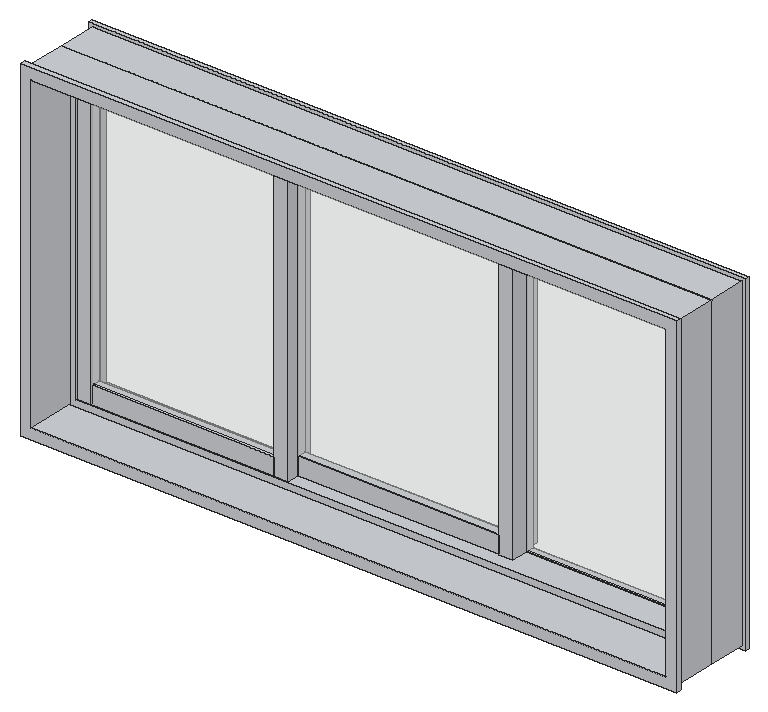
Revit family "APL Residential Thermal Heart Sliding Window SSF", category Windows, host Wall, Revit 2017 (continued)
Definition of nested family "APL Residential Thermal Heart Sliding Window SSF Horizontal Section"
  Definition of nested family "Reverse Interlocker"
    Definition of nested family "65500_Interlocker Stile"
      Lines and regions (mm)
        model lines, in view "Ref. Level"
          curve 153: arc (-26.398, 34.85, 0) -> (-26.256, 34.792, 0) -> (-26.198, 34.65, 0) r 0.2
          curve 154: arc (-26.198, 29.353, 0) -> (-26.255, 29.21, 0) -> (-26.398, 29.15, 0) r 0.2
          curve 155: arc (-32.798, 29.15, 0) -> (-32.939, 29.091, 0) -> (-32.998, 28.95, 0) r 0.2
          curve 156: arc (-32.998, 26.333, 0) -> (-32.799, 26.028, 0) -> (-33.041, 25.755, 0) r 0.3
          curve 157: arc (-33.041, 25.755, 0) -> (-33.179, 25.689, 0) -> (-33.266, 25.563, 0) r 0.3
          curve 158: arc (-33.78, 24.153, 0) -> (-33.736, 23.867, 0) -> (-33.472, 23.751, 0) r 0.3
          curve 159: arc (-31.106, 23.958, 0) -> (-31.005, 23.985, 0) -> (-30.92, 24.045, 0) r 0.3
          curve 160: arc (-30.556, 24.409, 0) -> (-30.505, 24.602, 0) -> (-30.646, 24.743, 0) r 0.2
          curve 161: arc (-30.813, 24.788, 0) -> (-30.903, 24.84, 0) -> (-30.955, 24.929, 0) r 0.2
          curve 162: arc (-31.498, 27.15, 0) -> (-31.305, 27.43, 0) -> (-30.974, 27.35, 0) r 0.3
          curve 163: arc (-30.974, 27.35, 0) -> (-30.873, 27.276, 0) -> (-30.75, 27.25, 0) r 0.3
          curve 164: arc (-26.748, 27.444, 0) -> (-26.575, 27.408, 0) -> (-26.498, 27.25, 0) r 0.2
          curve 165: arc (-26.498, 26.729, 0) -> (-26.509, 26.648, 0) -> (-26.542, 26.573, 0) r 0.3
          curve 166: arc (-27.307, 25.319, 0) -> (-27.477, 25.322, 0) -> (-27.609, 25.216, 0) r 0.25
          curve 167: arc (-27.661, 25.13, 0) -> (-27.666, 24.878, 0) -> (-27.448, 24.75, 0) r 0.25
          curve 168: arc (-25.098, 24.75, 0) -> (-24.744, 24.896, 0) -> (-24.598, 25.25, 0) r 0.5
          curve 169: arc (-24.598, 36.25, 0) -> (-24.656, 36.391, 0) -> (-24.798, 36.45, 0) r 0.2
          curve 170: line (-31.398, 36.65, 0) -> (-31.398, 41.7, 0)
          curve 171: line (-30.898, 42.2, 0) -> (-2.1, 42.2, 0)
          curve 172: line (-1.6, 41.7, 0) -> (-1.6, 10.9, 0)
          curve 173: line (-2.1, 10.4, 0) -> (-4.86, 10.4, 0)
          curve 174: line (-5.36, 9.9, 0) -> (-5.36, 9.042, 0)
          curve 175: line (-5.33, 8.871, 0) -> (-5.061, 8.132, 0)
          curve 176: line (-4.873, 8, 0) -> (-4.6, 8, 0)
          curve 177: line (-4.4, 7.8, 0) -> (-4.4, 7.55, 0)
          curve 178: line (-3.831, 7.691, 0) -> (-2.577, 8.456, 0)
          curve 179: line (-2.577, 8.456, 0) -> (-1.9, 8.5, 0)
          curve 180: line (-1.706, 8.25, 0) -> (-1.894, 7.525, 0)
          curve 181: line (-1.894, 7.525, 0) -> (-1.9, 4.247, 0)
          curve 182: line (-2.154, 3.5, 0) -> (-4.221, 4.043, 0)
          curve 183: line (-4.221, 4.043, 0) -> (-4.407, 4.352, 0)
          curve 184: line (-4.741, 4.441, 0) -> (-5.105, 4.078, 0)
          curve 185: line (-5.192, 3.892, 0) -> (-5.399, 1.526, 0)
          curve 186: line (-4.997, 1.218, 0) -> (-3.587, 1.732, 0)
          curve 187: line (-2.817, 2, 0) -> (-2.1, 2, 0)
          curve 188: line (-1.9, 1.8, 0) -> (-1.9, 1, 0)
          curve 189: line (-0.9, 0, 0) -> (-0.5, 0, 0)
          curve 190: line (0, 0.5, 0) -> (0, 43, 0)
          curve 191: line (-1, 44, 0) -> (-52.375, 44, 0)
          curve 192: line (-52.375, 43.25, 0) -> (-52, 43.25, 0)
          curve 193: line (-52, 43.25, 0) -> (-52, 42.15, 0)
          curve 194: line (-51.8, 41.95, 0) -> (-50.962, 41.95, 0)
          curve 195: line (-50.962, 41.95, 0) -> (-50.962, 40.688, 0)
          curve 196: line (-50.797, 40.488, 0) -> (-49.444, 40.25, 0)
          curve 197: line (-49.444, 40.25, 0) -> (-48.613, 40.25, 0)
          curve 198: line (-48.42, 40.502, 0) -> (-48.808, 41.948, 0)
          curve 199: line (-48.615, 42.2, 0) -> (-33.498, 42.2, 0)
          curve 200: line (-32.998, 41.7, 0) -> (-32.998, 35.05, 0)
          curve 201: line (-32.798, 34.85, 0) -> (-26.398, 34.85, 0)
          curve 202: line (-26.198, 34.65, 0) -> (-26.198, 29.353, 0)
          curve 203: line (-26.398, 29.15, 0) -> (-32.798, 29.15, 0)
          curve 204: line (-32.998, 28.95, 0) -> (-32.998, 26.333, 0)
          curve 205: line (-33.266, 25.563, 0) -> (-33.78, 24.153, 0)
          curve 206: line (-33.472, 23.751, 0) -> (-31.106, 23.958, 0)
          curve 207: line (-30.92, 24.045, 0) -> (-30.556, 24.409, 0)
          curve 208: line (-30.646, 24.743, 0) -> (-30.813, 24.788, 0)
          curve 209: line (-30.813, 24.788, 0) -> (-31.487, 26.918, 0)
          curve 210: line (-31.487, 26.918, 0) -> (-31.498, 27.15, 0)
          curve 211: line (-30.75, 27.25, 0) -> (-27.523, 27.25, 0)
          curve 212: line (-27.523, 27.25, 0) -> (-26.748, 27.444, 0)
          curve 213: line (-26.498, 27.25, 0) -> (-26.498, 26.729, 0)
          curve 214: line (-26.498, 26.729, 0) -> (-27.307, 25.319, 0)
          curve 215: line (-27.448, 24.75, 0) -> (-25.098, 24.75, 0)
          curve 216: line (-24.598, 25.25, 0) -> (-24.598, 36.25, 0)
          curve 217: line (-24.798, 36.45, 0) -> (-31.197, 36.45, 0)
          curve 218: arc (-31.197, 36.45, 0) -> (-31.339, 36.508, 0) -> (-31.398, 36.65, 0) r 0.2
          curve 219: arc (-27.398, 12.45, 0) -> (-27.115, 12.567, 0) -> (-26.998, 12.85, 0) r 0.4
          curve 220: arc (-26.998, 13.143, 0) -> (-27.011, 13.246, 0) -> (-27.052, 13.343, 0) r 0.4
          curve 221: arc (-27.936, 14.871, 0) -> (-28.057, 15.161, 0) -> (-28.098, 15.472, 0) r 1.2
          curve 222: arc (-28.098, 16.395, 0) -> (-28.279, 16.968, 0) -> (-28.756, 17.334, 0) r 1
          curve 223: arc (-30.935, 18.127, 0) -> (-31.125, 18.274, 0) -> (-31.198, 18.503, 0) r 0.4
          curve 224: arc (-31.198, 21.197, 0) -> (-31.125, 21.426, 0) -> (-30.935, 21.573, 0) r 0.4
          curve 225: arc (-28.756, 22.366, 0) -> (-28.279, 22.732, 0) -> (-28.098, 23.305, 0) r 1
          curve 226: arc (-28.098, 24.228, 0) -> (-28.057, 24.539, 0) -> (-27.936, 24.829, 0) r 1.2
          curve 227: arc (-27.052, 26.357, 0) -> (-27.011, 26.454, 0) -> (-26.998, 26.557, 0) r 0.4
          curve 228: arc (-26.998, 26.85, 0) -> (-27.115, 27.133, 0) -> (-27.398, 27.25, 0) r 0.4
          curve 229: arc (-30.798, 27.25, 0) -> (-31.081, 27.133, 0) -> (-31.198, 26.85, 0) r 0.4
          curve 230: arc (-31.198, 26.557, 0) -> (-31.184, 26.454, 0) -> (-31.144, 26.357, 0) r 0.4
          curve 231: arc (-30.259, 24.829, 0) -> (-30.138, 24.535, 0) -> (-30.098, 24.22, 0) r 1.2
          curve 232: arc (-30.098, 24.22, 0) -> (-30.151, 24.045, 0) -> (-30.295, 23.934, 0) r 0.3
          curve 233: arc (-32.735, 23.046, 0) -> (-32.925, 22.899, 0) -> (-32.998, 22.67, 0) r 0.4
          curve 234: arc (-32.998, 17.03, 0) -> (-32.925, 16.801, 0) -> (-32.735, 16.654, 0) r 0.4
          curve 235: arc (-30.295, 15.766, 0) -> (-30.151, 15.655, 0) -> (-30.098, 15.48, 0) r 0.3
          curve 236: arc (-30.098, 15.48, 0) -> (-30.138, 15.165, 0) -> (-30.259, 14.871, 0) r 1.2
          curve 237: arc (-31.144, 13.343, 0) -> (-31.184, 13.246, 0) -> (-31.198, 13.143, 0) r 0.4
          curve 238: arc (-31.198, 12.85, 0) -> (-31.081, 12.567, 0) -> (-30.798, 12.45, 0) r 0.4
          curve 239: line (-26.998, 12.85, 0) -> (-26.998, 13.143, 0)
          curve 240: line (-27.052, 13.343, 0) -> (-27.936, 14.871, 0)
          curve 241: line (-28.098, 15.472, 0) -> (-28.098, 16.395, 0)
          curve 242: line (-28.756, 17.334, 0) -> (-30.935, 18.127, 0)
          curve 243: line (-31.198, 18.503, 0) -> (-31.198, 21.197, 0)
          curve 244: line (-30.935, 21.573, 0) -> (-28.756, 22.366, 0)
          curve 245: line (-28.098, 23.305, 0) -> (-28.098, 24.228, 0)
          curve 246: line (-27.936, 24.829, 0) -> (-27.052, 26.357, 0)
          curve 247: line (-26.998, 26.557, 0) -> (-26.998, 26.85, 0)
          curve 248: line (-27.398, 27.25, 0) -> (-30.798, 27.25, 0)
          curve 249: line (-31.198, 26.85, 0) -> (-31.198, 26.557, 0)
          curve 250: line (-31.144, 26.357, 0) -> (-30.259, 24.829, 0)
          curve 251: line (-30.295, 23.934, 0) -> (-32.735, 23.046, 0)
          curve 252: line (-32.998, 22.67, 0) -> (-32.998, 17.03, 0)
          curve 253: line (-32.735, 16.654, 0) -> (-30.295, 15.766, 0)
          curve 254: line (-30.259, 14.871, 0) -> (-31.144, 13.343, 0)
          curve 255: line (-31.198, 13.143, 0) -> (-31.198, 12.85, 0)
          curve 256: line (-30.798, 12.45, 0) -> (-27.398, 12.45, 0)
          curve 257: arc (-16.7, 4.122, 0) -> (-16.583, 3.839, 0) -> (-16.3, 3.722, 0) r 0.4
          curve 258: arc (-16.007, 3.722, 0) -> (-15.904, 3.736, 0) -> (-15.807, 3.776, 0) r 0.4
          curve 259: arc (-14.279, 4.66, 0) -> (-13.989, 4.781, 0) -> (-13.678, 4.822, 0) r 1.2
          curve 260: arc (-12.755, 4.822, 0) -> (-12.182, 5.003, 0) -> (-11.816, 5.48, 0) r 1
          curve 261: arc (-11.023, 7.659, 0) -> (-10.876, 7.849, 0) -> (-10.647, 7.922, 0) r 0.4
          curve 262: arc (-7.953, 7.922, 0) -> (-7.724, 7.849, 0) -> (-7.577, 7.659, 0) r 0.4
          curve 263: arc (-6.784, 5.48, 0) -> (-6.418, 5.003, 0) -> (-5.845, 4.822, 0) r 1
          curve 264: arc (-4.922, 4.822, 0) -> (-4.611, 4.781, 0) -> (-4.321, 4.66, 0) r 1.2
          curve 265: arc (-2.793, 3.776, 0) -> (-2.696, 3.736, 0) -> (-2.593, 3.722, 0) r 0.4
          curve 266: arc (-2.3, 3.722, 0) -> (-2.017, 3.839, 0) -> (-1.9, 4.122, 0) r 0.4
          curve 267: arc (-1.9, 7.522, 0) -> (-2.017, 7.805, 0) -> (-2.3, 7.922, 0) r 0.4
          curve 268: arc (-2.593, 7.922, 0) -> (-2.696, 7.908, 0) -> (-2.793, 7.868, 0) r 0.4
          curve 269: arc (-4.321, 6.983, 0) -> (-4.615, 6.862, 0) -> (-4.93, 6.822, 0) r 1.2
          curve 270: arc (-4.93, 6.822, 0) -> (-5.105, 6.875, 0) -> (-5.216, 7.019, 0) r 0.3
          curve 271: arc (-6.104, 9.459, 0) -> (-6.251, 9.649, 0) -> (-6.48, 9.722, 0) r 0.4
          curve 272: arc (-12.12, 9.722, 0) -> (-12.349, 9.649, 0) -> (-12.496, 9.459, 0) r 0.4
          curve 273: arc (-13.384, 7.019, 0) -> (-13.495, 6.875, 0) -> (-13.67, 6.822, 0) r 0.3
          curve 274: arc (-13.67, 6.822, 0) -> (-13.985, 6.862, 0) -> (-14.279, 6.983, 0) r 1.2
          curve 275: arc (-15.807, 7.868, 0) -> (-15.904, 7.908, 0) -> (-16.007, 7.922, 0) r 0.4
          curve 276: arc (-16.3, 7.922, 0) -> (-16.583, 7.805, 0) -> (-16.7, 7.522, 0) r 0.4
          curve 277: line (-16.3, 3.722, 0) -> (-16.007, 3.722, 0)
          curve 278: line (-15.807, 3.776, 0) -> (-14.279, 4.66, 0)
          curve 279: line (-13.678, 4.822, 0) -> (-12.755, 4.822, 0)
          curve 280: line (-11.816, 5.48, 0) -> (-11.023, 7.659, 0)
          curve 281: line (-10.647, 7.922, 0) -> (-7.953, 7.922, 0)
          curve 282: line (-7.577, 7.659, 0) -> (-6.784, 5.48, 0)
          curve 283: line (-5.845, 4.822, 0) -> (-4.922, 4.822, 0)
          curve 284: line (-4.321, 4.66, 0) -> (-2.793, 3.776, 0)
          curve 285: line (-2.593, 3.722, 0) -> (-2.3, 3.722, 0)
          curve 286: line (-1.9, 4.122, 0) -> (-1.9, 7.522, 0)
          curve 287: line (-2.3, 7.922, 0) -> (-2.593, 7.922, 0)
          curve 288: line (-2.793, 7.868, 0) -> (-4.321, 6.983, 0)
          curve 289: line (-5.216, 7.019, 0) -> (-6.104, 9.459, 0)
          curve 290: line (-6.48, 9.722, 0) -> (-12.12, 9.722, 0)
          curve 291: line (-12.496, 9.459, 0) -> (-13.384, 7.019, 0)
          curve 292: line (-14.279, 6.983, 0) -> (-15.807, 7.868, 0)
          curve 293: line (-16.007, 7.922, 0) -> (-16.3, 7.922, 0)
          curve 294: line (-16.7, 7.522, 0) -> (-16.7, 4.122, 0)
      Text (mm)
        text "65500" at (-34.845, 58.95, 0), in view "Ref. Level"
    Definition of nested family "65510_Reverse Interlocker Stile"
      Reference planes
        plane 1 "Center (Front/Back)": y = 0
        plane 2: z = 0
        plane 3 "Center (Left/Right)": x = 0
      Lines and regions (mm)
        model lines, in view "Ref. Level"
          curve 1: arc (1.945, -44.438, 0) -> (2.11, -44.125, 0) -> (2.441, -44, 0) r 0.5
          curve 2: arc (30.752, -44, 0) -> (31.106, -44.146, 0) -> (31.252, -44.5, 0) r 0.5
          curve 3: arc (31.252, -83.299, 0) -> (30.959, -84.006, 0) -> (30.252, -84.299, 0) r 1
          curve 4: arc (2.5, -84.299, 0) -> (1.793, -84.006, 0) -> (1.5, -83.299, 0) r 1
          curve 5: arc (0, -0.45, 0) -> (0.146, -0.096, 0) -> (0.5, 0.05, 0) r 0.5
          curve 6: arc (0.9, 0.05, 0) -> (1.607, -0.243, 0) -> (1.9, -0.95, 0) r 1
          curve 7: arc (1.9, -1.8, 0) -> (1.959, -1.941, 0) -> (2.1, -2, 0) r 0.2
          curve 8: arc (2.817, -2, 0) -> (3.122, -2.199, 0) -> (3.395, -1.957, 0) r 0.3
          curve 9: arc (3.395, -1.957, 0) -> (3.461, -1.819, 0) -> (3.587, -1.732, 0) r 0.3
          curve 10: arc (5.858, -0.905, 0) -> (6.755, -1.323, 0) -> (6.337, -2.221, 0) r 0.7
          curve 11: arc (5.681, -2.459, 0) -> (5.512, -2.614, 0) -> (5.502, -2.844, 0) r 0.3
          curve 12: arc (5.778, -3.603, 0) -> (5.761, -3.846, 0) -> (5.57, -3.997, 0) r 0.3
          curve 13: arc (5.57, -3.997, 0) -> (5.339, -4.046, 0) -> (5.105, -4.078, 0) r 3.208
          curve 14: arc (4.741, -4.441, 0) -> (4.548, -4.493, 0) -> (4.407, -4.352, 0) r 0.2
          curve 15: arc (4.362, -4.184, 0) -> (4.31, -4.095, 0) -> (4.221, -4.043, 0) r 0.2
          curve 16: arc (2, -3.5, 0) -> (1.72, -3.693, 0) -> (1.8, -4.024, 0) r 0.3
          curve 17: arc (1.8, -4.024, 0) -> (1.874, -4.125, 0) -> (1.9, -4.247, 0) r 0.3
          curve 18: arc (1.706, -8.25, 0) -> (1.742, -8.422, 0) -> (1.9, -8.5, 0) r 0.2
          curve 19: arc (2.421, -8.5, 0) -> (2.502, -8.489, 0) -> (2.577, -8.456, 0) r 0.3
          curve 20: arc (3.831, -7.691, 0) -> (3.828, -7.521, 0) -> (3.934, -7.389, 0) r 0.25
          curve 21: arc (4.02, -7.337, 0) -> (4.272, -7.332, 0) -> (4.4, -7.55, 0) r 0.25
          curve 22: arc (4.4, -7.8, 0) -> (4.459, -7.941, 0) -> (4.6, -8, 0) r 0.2
          curve 23: arc (4.873, -8, 0) -> (4.987, -8.036, 0) -> (5.061, -8.132, 0) r 0.2
          curve 24: arc (5.348, -8.92, 0) -> (5.349, -9.055, 0) -> (5.264, -9.159, 0) r 0.2
          curve 25: arc (3.308, -10.354, 0) -> (3.057, -10.463, 0) -> (2.787, -10.5, 0) r 1
          curve 26: arc (1.701, -10.5, 0) -> (1.559, -10.558, 0) -> (1.5, -10.7, 0) r 0.2
          curve 27: arc (1.945, -41.762, 0) -> (2.11, -42.075, 0) -> (2.441, -42.2, 0) r 0.5
          curve 28: arc (25.233, -42.2, 0) -> (25.71, -41.85, 0) -> (25.519, -41.29, 0) r 0.5
          curve 29: arc (25.519, -41.29, 0) -> (24.871, -40.553, 0) -> (24.637, -39.599, 0) r 2.063
          curve 30: arc (24.637, -38.487, 0) -> (24.675, -38.217, 0) -> (24.784, -37.966, 0) r 1
          curve 31: arc (25.021, -37.578, 0) -> (25.385, -37.227, 0) -> (25.874, -37.099, 0) r 1
          curve 32: arc (27.45, -37.099, 0) -> (27.668, -37.226, 0) -> (27.663, -37.479, 0) r 0.25
          curve 33: arc (27.611, -37.565, 0) -> (27.479, -37.671, 0) -> (27.309, -37.668, 0) r 0.25
          curve 34: arc (26.544, -38.922, 0) -> (26.511, -38.997, 0) -> (26.5, -39.078, 0) r 0.3
          curve 35: arc (26.5, -39.599, 0) -> (26.578, -39.757, 0) -> (26.75, -39.793, 0) r 0.2
          curve 36: arc (30.753, -39.599, 0) -> (30.875, -39.625, 0) -> (30.976, -39.699, 0) r 0.3
          curve 37: arc (30.976, -39.699, 0) -> (31.307, -39.779, 0) -> (31.5, -39.499, 0) r 0.3
          curve 38: arc (30.957, -37.278, 0) -> (30.905, -37.189, 0) -> (30.816, -37.137, 0) r 0.2
          curve 39: arc (30.648, -37.092, 0) -> (30.507, -36.951, 0) -> (30.559, -36.758, 0) r 0.2
          curve 40: arc (30.922, -36.394, 0) -> (31.008, -36.334, 0) -> (31.108, -36.307, 0) r 0.3
          curve 41: arc (33.474, -36.1, 0) -> (33.738, -36.216, 0) -> (33.782, -36.502, 0) r 0.3
          curve 42: arc (33.268, -37.912, 0) -> (33.181, -38.038, 0) -> (33.043, -38.104, 0) r 0.3
          curve 43: arc (33.043, -38.104, 0) -> (32.801, -38.377, 0) -> (33, -38.682, 0) r 0.3
          curve 44: arc (33, -41.699, 0) -> (33.146, -42.053, 0) -> (33.5, -42.199, 0) r 0.5
          curve 45: arc (45.599, -42.199, 0) -> (45.967, -42.062, 0) -> (46.122, -41.7, 0) r 0.5
          curve 46: arc (46.122, -41.299, 0) -> (45.976, -40.945, 0) -> (45.622, -40.799, 0) r 0.5
          curve 47: arc (44.872, -40.799, 0) -> (44.731, -40.74, 0) -> (44.672, -40.599, 0) r 0.2
          curve 48: arc (44.672, -39.999, 0) -> (44.731, -39.858, 0) -> (44.872, -39.799, 0) r 0.2
          curve 49: arc (47.972, -39.799, 0) -> (48.114, -39.858, 0) -> (48.172, -39.999, 0) r 0.2
          curve 50: arc (48.172, -40.599, 0) -> (48.114, -40.74, 0) -> (47.972, -40.799, 0) r 0.2
          curve 51: arc (47.622, -40.799, 0) -> (47.481, -40.858, 0) -> (47.422, -40.999, 0) r 0.2
          curve 52: arc (47.422, -41.599, 0) -> (47.481, -41.74, 0) -> (47.622, -41.799, 0) r 0.2
          curve 53: arc (47.972, -41.799, 0) -> (48.114, -41.858, 0) -> (48.172, -41.999, 0) r 0.2
          curve 54: arc (48.172, -42.3, 0) -> (48.319, -42.654, 0) -> (48.672, -42.8, 0) r 0.5
          curve 55: arc (49.672, -42.8, 0) -> (50.026, -42.654, 0) -> (50.172, -42.3, 0) r 0.5
          curve 56: arc (50.172, -41.999, 0) -> (50.231, -41.858, 0) -> (50.372, -41.799, 0) r 0.2
          curve 57: arc (50.722, -41.799, 0) -> (50.864, -41.74, 0) -> (50.922, -41.599, 0) r 0.2
          curve 58: arc (50.922, -40.999, 0) -> (50.864, -40.858, 0) -> (50.722, -40.799, 0) r 0.2
          curve 59: arc (50.372, -40.799, 0) -> (50.231, -40.74, 0) -> (50.172, -40.599, 0) r 0.2
          curve 60: arc (50.172, -39.999, 0) -> (50.231, -39.858, 0) -> (50.372, -39.799, 0) r 0.2
          curve 61: arc (51.802, -39.799, 0) -> (51.944, -39.858, 0) -> (52.002, -39.999, 0) r 0.2
          curve 62: arc (52.377, -43.25, 0) -> (52.752, -43.625, 0) -> (52.377, -44, 0) r 0.375
          curve 63: arc (33.252, -44, 0) -> (32.899, -44.146, 0) -> (32.752, -44.5, 0) r 0.5
          curve 64: arc (32.752, -86.299, 0) -> (32.167, -87.713, 0) -> (30.752, -88.299, 0) r 2
          curve 65: arc (2, -88.299, 0) -> (0.586, -87.713, 0) -> (0, -86.299, 0) r 2
          curve 66: line (1.5, -83.299, 0) -> (1.5, -48, 0)
          curve 67: line (1.5, -48, 0) -> (1.945, -44.438, 0)
          curve 68: line (2.441, -44, 0) -> (30.752, -44, 0)
          curve 69: line (31.252, -44.5, 0) -> (31.252, -83.299, 0)
          curve 70: line (30.252, -84.299, 0) -> (2.5, -84.299, 0)
          curve 71: line (0.5, 0.05, 0) -> (0.9, 0.05, 0)
          curve 72: line (1.9, -0.95, 0) -> (1.9, -1.8, 0)
          curve 73: line (2.1, -2, 0) -> (2.817, -2, 0)
          curve 74: line (3.587, -1.732, 0) -> (5.858, -0.905, 0)
          curve 75: line (6.337, -2.221, 0) -> (5.681, -2.459, 0)
          curve 76: line (5.502, -2.844, 0) -> (5.778, -3.603, 0)
          curve 77: line (5.105, -4.078, 0) -> (4.741, -4.441, 0)
          curve 78: line (4.407, -4.352, 0) -> (4.362, -4.184, 0)
          curve 79: line (4.362, -4.184, 0) -> (2.232, -3.51, 0)
          curve 80: line (2.232, -3.51, 0) -> (2, -3.5, 0)
          curve 81: line (1.9, -4.247, 0) -> (1.9, -7.475, 0)
          curve 82: line (1.9, -7.475, 0) -> (1.706, -8.25, 0)
          curve 83: line (1.9, -8.5, 0) -> (2.421, -8.5, 0)
          curve 84: line (2.421, -8.5, 0) -> (3.831, -7.691, 0)
          curve 85: line (4.4, -7.55, 0) -> (4.4, -7.8, 0)
          curve 86: line (4.6, -8, 0) -> (4.873, -8, 0)
          curve 87: line (5.061, -8.132, 0) -> (5.348, -8.92, 0)
          curve 88: line (5.264, -9.159, 0) -> (3.308, -10.354, 0)
          curve 89: line (2.787, -10.5, 0) -> (1.701, -10.5, 0)
          curve 90: line (1.5, -10.7, 0) -> (1.5, -38.2, 0)
          curve 91: line (1.5, -38.2, 0) -> (1.945, -41.762, 0)
          curve 92: line (2.441, -42.2, 0) -> (25.233, -42.2, 0)
          curve 93: line (24.637, -39.599, 0) -> (24.637, -38.487, 0)
          curve 94: line (24.784, -37.966, 0) -> (25.021, -37.578, 0)
          curve 95: line (25.874, -37.099, 0) -> (27.45, -37.099, 0)
          curve 96: line (27.309, -37.668, 0) -> (26.544, -38.922, 0)
          curve 97: line (26.544, -38.922, 0) -> (26.5, -39.599, 0)
          curve 98: line (26.75, -39.793, 0) -> (27.475, -39.605, 0)
          curve 99: line (27.475, -39.605, 0) -> (30.753, -39.599, 0)
          curve 100: line (31.5, -39.345, 0) -> (30.957, -37.278, 0)
          curve 101: line (30.957, -37.278, 0) -> (30.648, -37.092, 0)
          curve 102: line (30.559, -36.758, 0) -> (30.922, -36.394, 0)
          curve 103: line (31.108, -36.307, 0) -> (33.474, -36.1, 0)
          curve 104: line (33.782, -36.502, 0) -> (33.268, -37.912, 0)
          curve 105: line (33, -38.682, 0) -> (33, -41.699, 0)
          curve 106: line (33.5, -42.199, 0) -> (45.599, -42.199, 0)
          curve 107: line (46.122, -41.7, 0) -> (46.122, -41.299, 0)
          curve 108: line (45.622, -40.799, 0) -> (44.872, -40.799, 0)
          curve 109: line (44.672, -40.599, 0) -> (44.672, -39.999, 0)
          curve 110: line (44.872, -39.799, 0) -> (47.972, -39.799, 0)
          curve 111: line (48.172, -39.999, 0) -> (48.172, -40.599, 0)
          curve 112: line (47.972, -40.799, 0) -> (47.622, -40.799, 0)
          curve 113: line (47.422, -40.999, 0) -> (47.422, -41.599, 0)
          curve 114: line (47.622, -41.799, 0) -> (47.972, -41.799, 0)
          curve 115: line (48.172, -41.999, 0) -> (48.172, -42.3, 0)
          curve 116: line (48.672, -42.8, 0) -> (49.672, -42.8, 0)
          curve 117: line (50.172, -42.3, 0) -> (50.172, -41.999, 0)
          curve 118: line (50.372, -41.799, 0) -> (50.722, -41.799, 0)
          curve 119: line (50.922, -41.599, 0) -> (50.922, -40.999, 0)
          curve 120: line (50.722, -40.799, 0) -> (50.372, -40.799, 0)
          curve 121: line (50.172, -40.599, 0) -> (50.172, -39.999, 0)
          curve 122: line (50.372, -39.799, 0) -> (51.802, -39.799, 0)
          curve 123: line (52.002, -39.999, 0) -> (52.002, -43.25, 0)
          curve 124: line (52.002, -43.25, 0) -> (52.377, -43.25, 0)
          curve 125: line (52.377, -44, 0) -> (33.252, -44, 0)
          curve 126: line (32.752, -44.5, 0) -> (32.752, -86.299, 0)
          curve 127: line (30.752, -88.299, 0) -> (2, -88.299, 0)
          curve 128: line (0, -86.299, 0) -> (0, -0.45, 0)
          curve 129: arc (13.859, -4.441, 0) -> (14.052, -4.493, 0) -> (14.193, -4.352, 0) r 0.2
          curve 130: arc (14.238, -4.184, 0) -> (14.29, -4.095, 0) -> (14.379, -4.043, 0) r 0.2
          curve 131: arc (16.6, -3.5, 0) -> (16.88, -3.693, 0) -> (16.8, -4.024, 0) r 0.3
          curve 132: arc (16.8, -4.024, 0) -> (16.726, -4.125, 0) -> (16.7, -4.247, 0) r 0.3
          curve 133: arc (16.894, -8.25, 0) -> (16.858, -8.422, 0) -> (16.7, -8.5, 0) r 0.2
          curve 134: arc (16.179, -8.5, 0) -> (16.098, -8.489, 0) -> (16.023, -8.456, 0) r 0.3
          curve 135: arc (14.769, -7.691, 0) -> (14.772, -7.521, 0) -> (14.666, -7.389, 0) r 0.25
          curve 136: arc (14.58, -7.337, 0) -> (14.328, -7.332, 0) -> (14.2, -7.549, 0) r 0.25
          curve 137: arc (14.2, -7.8, 0) -> (14.141, -7.941, 0) -> (14, -8, 0) r 0.2
          curve 138: arc (13.727, -8, 0) -> (13.613, -8.036, 0) -> (13.539, -8.132, 0) r 0.2
          curve 139: arc (13.252, -8.92, 0) -> (13.251, -9.055, 0) -> (13.336, -9.159, 0) r 0.2
          curve 140: arc (15.292, -10.354, 0) -> (15.543, -10.463, 0) -> (15.813, -10.5, 0) r 1
          curve 141: arc (24.396, -10.5, 0) -> (24.54, -10.557, 0) -> (24.6, -10.7, 0) r 0.2
          curve 142: arc (24.6, -11.6, 0) -> (24.746, -11.954, 0) -> (25.1, -12.1, 0) r 0.5
          curve 143: arc (31.2, -12.1, 0) -> (31.341, -12.159, 0) -> (31.4, -12.3, 0) r 0.2
          curve 144: arc (31.4, -15.399, 0) -> (31.341, -15.54, 0) -> (31.2, -15.599, 0) r 0.2
          curve 145: arc (24.8, -15.599, 0) -> (24.659, -15.657, 0) -> (24.6, -15.799, 0) r 0.2
          curve 146: arc (24.6, -25.841, 0) -> (24.636, -26.116, 0) -> (24.746, -26.37, 0) r 1
          curve 147: arc (25.021, -26.82, 0) -> (25.385, -27.171, 0) -> (25.874, -27.299, 0) r 1
          curve 148: arc (27.45, -27.299, 0) -> (27.668, -27.172, 0) -> (27.663, -26.919, 0) r 0.25
          curve 149: arc (27.611, -26.833, 0) -> (27.479, -26.727, 0) -> (27.309, -26.73, 0) r 0.25
          curve 150: arc (26.544, -25.476, 0) -> (26.511, -25.401, 0) -> (26.5, -25.32, 0) r 0.3
          curve 151: arc (26.5, -24.799, 0) -> (26.578, -24.641, 0) -> (26.75, -24.605, 0) r 0.2
          curve 152: arc (30.753, -24.799, 0) -> (30.875, -24.773, 0) -> (30.976, -24.699, 0) r 0.3
          curve 153: arc (30.976, -24.699, 0) -> (31.307, -24.619, 0) -> (31.5, -24.899, 0) r 0.3
          curve 154: arc (30.957, -27.12, 0) -> (30.905, -27.209, 0) -> (30.816, -27.261, 0) r 0.2
          curve 155: arc (30.648, -27.306, 0) -> (30.507, -27.447, 0) -> (30.559, -27.64, 0) r 0.2
          curve 156: arc (30.922, -28.004, 0) -> (31.008, -28.064, 0) -> (31.108, -28.091, 0) r 0.3
          curve 157: arc (33.474, -28.298, 0) -> (33.738, -28.182, 0) -> (33.782, -27.896, 0) r 0.3
          curve 158: arc (33.268, -26.486, 0) -> (33.181, -26.36, 0) -> (33.043, -26.294, 0) r 0.3
          curve 159: arc (33.043, -26.294, 0) -> (32.801, -26.021, 0) -> (33, -25.716, 0) r 0.3
          curve 160: arc (33, -23.099, 0) -> (32.941, -22.958, 0) -> (32.8, -22.899, 0) r 0.2
          curve 161: arc (26.4, -22.899, 0) -> (26.259, -22.84, 0) -> (26.2, -22.699, 0) r 0.2
          curve 162: arc (26.2, -17.399, 0) -> (26.259, -17.258, 0) -> (26.4, -17.199, 0) r 0.2
          curve 163: arc (32.8, -17.199, 0) -> (32.941, -17.141, 0) -> (33, -16.999, 0) r 0.2
          curve 164: arc (33, -12.3, 0) -> (33.059, -12.159, 0) -> (33.2, -12.1, 0) r 0.2
          curve 165: arc (34, -12.1, 0) -> (35.273, -11.573, 0) -> (35.8, -10.3, 0) r 1.8
          curve 166: arc (35.8, -9.999, 0) -> (35.859, -9.858, 0) -> (36, -9.799, 0) r 0.2
          curve 167: arc (48.628, -9.799, 0) -> (48.787, -9.877, 0) -> (48.821, -10.051, 0) r 0.2
          curve 168: arc (48.42, -11.547, 0) -> (48.454, -11.721, 0) -> (48.613, -11.799, 0) r 0.2
          curve 169: arc (50.797, -11.561, 0) -> (50.916, -11.492, 0) -> (50.962, -11.364, 0) r 0.2
          curve 170: arc (51.797, -10.099, 0) -> (51.94, -10.041, 0) -> (52, -9.899, 0) r 0.2
          curve 171: arc (52.375, -8.749, 0) -> (52.75, -8.374, 0) -> (52.375, -7.999, 0) r 0.375
          curve 172: arc (33.1, -8, 0) -> (32.6, -8.5, 0) -> (33.1, -9, 0) r 0.5
          curve 173: arc (34, -9, 0) -> (34.141, -9.059, 0) -> (34.2, -9.2, 0) r 0.2
          curve 174: arc (34.2, -10.3, 0) -> (34.141, -10.441, 0) -> (34, -10.5, 0) r 0.2
          curve 175: arc (26.7, -10.5, 0) -> (26.559, -10.441, 0) -> (26.5, -10.3, 0) r 0.2
          curve 176: arc (26.5, -9.2, 0) -> (26.559, -9.059, 0) -> (26.7, -9, 0) r 0.2
          curve 177: arc (27.6, -9, 0) -> (28.1, -8.5, 0) -> (27.6, -8, 0) r 0.5
          curve 178: arc (21.3, -8, 0) -> (21.159, -7.941, 0) -> (21.1, -7.8, 0) r 0.2
          curve 179: arc (21.1, -7.25, 0) -> (20.6, -6.75, 0) -> (20.1, -7.25, 0) r 0.5
          curve 180: arc (20.1, -7.8, 0) -> (20.041, -7.941, 0) -> (19.9, -8, 0) r 0.2
          curve 181: arc (18.8, -8, 0) -> (18.659, -7.941, 0) -> (18.6, -7.8, 0) r 0.2
          curve 182: arc (18.6, -2.7, 0) -> (18.659, -2.559, 0) -> (18.8, -2.5, 0) r 0.2
          curve 183: arc (19.9, -2.5, 0) -> (20.041, -2.559, 0) -> (20.1, -2.7, 0) r 0.2
          curve 184: arc (20.1, -3.25, 0) -> (20.6, -3.75, 0) -> (21.1, -3.25, 0) r 0.5
          curve 185: arc (21.1, -2.623, 0) -> (21.153, -2.487, 0) -> (21.284, -2.423, 0) r 0.2
          curve 186: arc (31.459, -1.498, 0) -> (32.149, -0.721, 0) -> (31.4, 0, 0) r 0.75
          curve 187: arc (17.2, 0, 0) -> (16.846, -0.146, 0) -> (16.7, -0.5, 0) r 0.5
          curve 188: arc (16.7, -1.8, 0) -> (16.641, -1.941, 0) -> (16.5, -2, 0) r 0.2
          curve 189: arc (15.783, -2, 0) -> (15.478, -2.199, 0) -> (15.205, -1.957, 0) r 0.3
          curve 190: arc (15.205, -1.957, 0) -> (15.139, -1.819, 0) -> (15.013, -1.732, 0) r 0.3
          curve 191: arc (12.742, -0.905, 0) -> (11.845, -1.323, 0) -> (12.263, -2.221, 0) r 0.7
          curve 192: arc (12.919, -2.459, 0) -> (13.088, -2.614, 0) -> (13.098, -2.844, 0) r 0.3
          curve 193: line (13.495, -4.078, 0) -> (13.859, -4.441, 0)
          curve 194: line (14.193, -4.352, 0) -> (14.238, -4.184, 0)
          curve 195: line (14.238, -4.184, 0) -> (16.368, -3.51, 0)
          curve 196: line (16.368, -3.51, 0) -> (16.6, -3.5, 0)
          curve 197: line (16.7, -4.247, 0) -> (16.7, -7.475, 0)
          curve 198: line (16.7, -7.475, 0) -> (16.894, -8.25, 0)
          curve 199: line (16.7, -8.5, 0) -> (16.179, -8.5, 0)
          curve 200: line (16.179, -8.5, 0) -> (14.769, -7.691, 0)
          curve 201: line (14.2, -7.549, 0) -> (14.2, -7.8, 0)
          curve 202: line (14, -8, 0) -> (13.727, -8, 0)
          curve 203: line (13.539, -8.132, 0) -> (13.252, -8.92, 0)
          curve 204: line (13.336, -9.159, 0) -> (15.292, -10.354, 0)
          curve 205: line (15.813, -10.5, 0) -> (24.396, -10.5, 0)
          curve 206: line (24.6, -10.7, 0) -> (24.6, -11.6, 0)
          curve 207: line (25.1, -12.1, 0) -> (31.2, -12.1, 0)
          curve 208: line (31.4, -12.3, 0) -> (31.4, -15.399, 0)
          curve 209: line (31.2, -15.599, 0) -> (24.8, -15.599, 0)
          curve 210: line (24.6, -15.799, 0) -> (24.6, -25.841, 0)
          curve 211: line (24.746, -26.37, 0) -> (25.021, -26.82, 0)
          curve 212: line (25.874, -27.299, 0) -> (27.45, -27.299, 0)
          curve 213: line (27.309, -26.73, 0) -> (26.544, -25.476, 0)
          curve 214: line (26.544, -25.476, 0) -> (26.5, -24.799, 0)
          curve 215: line (26.75, -24.605, 0) -> (27.475, -24.793, 0)
          curve 216: line (27.475, -24.793, 0) -> (30.753, -24.799, 0)
          curve 217: line (31.5, -25.053, 0) -> (30.957, -27.12, 0)
          curve 218: line (30.957, -27.12, 0) -> (30.648, -27.306, 0)
          curve 219: line (30.559, -27.64, 0) -> (30.922, -28.004, 0)
          curve 220: line (31.108, -28.091, 0) -> (33.474, -28.298, 0)
          curve 221: line (33.782, -27.896, 0) -> (33.268, -26.486, 0)
          curve 222: line (33, -25.716, 0) -> (33, -23.099, 0)
          curve 223: line (32.8, -22.899, 0) -> (26.4, -22.899, 0)
          curve 224: line (26.2, -22.699, 0) -> (26.2, -17.399, 0)
          curve 225: line (26.4, -17.199, 0) -> (32.8, -17.199, 0)
          curve 226: line (33, -16.999, 0) -> (33, -12.3, 0)
          curve 227: line (33.2, -12.1, 0) -> (34, -12.1, 0)
          curve 228: line (35.8, -10.3, 0) -> (35.8, -9.999, 0)
          curve 229: line (36, -9.799, 0) -> (48.628, -9.799, 0)
          curve 230: line (48.821, -10.051, 0) -> (48.42, -11.547, 0)
          curve 231: line (48.613, -11.799, 0) -> (49.444, -11.799, 0)
          curve 232: line (49.444, -11.799, 0) -> (50.797, -11.561, 0)
          curve 233: line (50.962, -11.364, 0) -> (50.962, -10.099, 0)
          curve 234: line (50.962, -10.099, 0) -> (51.797, -10.099, 0)
          curve 235: line (52, -9.899, 0) -> (52, -8.749, 0)
          curve 236: line (52, -8.749, 0) -> (52.375, -8.749, 0)
          curve 237: line (52.375, -7.999, 0) -> (33.1, -7.999, 0)
          curve 238: line (33.1, -9, 0) -> (34, -9, 0)
          curve 239: line (34.2, -9.2, 0) -> (34.2, -10.3, 0)
          curve 240: line (34, -10.5, 0) -> (26.7, -10.5, 0)
          curve 241: line (26.5, -10.3, 0) -> (26.5, -9.2, 0)
          curve 242: line (26.7, -9, 0) -> (27.6, -9, 0)
          curve 243: line (27.6, -8, 0) -> (21.3, -8, 0)
          curve 244: line (21.1, -7.8, 0) -> (21.1, -7.25, 0)
          curve 245: line (20.1, -7.25, 0) -> (20.1, -7.8, 0)
          curve 246: line (19.9, -8, 0) -> (18.8, -8, 0)
          curve 247: line (18.6, -7.8, 0) -> (18.6, -2.7, 0)
          curve 248: line (18.8, -2.5, 0) -> (19.9, -2.5, 0)
          curve 249: line (20.1, -2.7, 0) -> (20.1, -3.25, 0)
          curve 250: line (21.1, -3.25, 0) -> (21.1, -2.623, 0)
          curve 251: line (21.284, -2.423, 0) -> (31.459, -1.498, 0)
          curve 252: line (31.4, 0, 0) -> (17.2, 0, 0)
          curve 253: line (16.7, -0.5, 0) -> (16.7, -1.8, 0)
          curve 254: line (16.5, -2, 0) -> (15.783, -2, 0)
          curve 255: line (15.013, -1.732, 0) -> (12.742, -0.905, 0)
          curve 256: line (12.263, -2.221, 0) -> (12.919, -2.459, 0)
          curve 257: line (13.098, -2.844, 0) -> (12.822, -3.603, 0)
          curve 258: arc (12.822, -3.603, 0) -> (12.839, -3.846, 0) -> (13.03, -3.997, 0) r 0.3
          curve 259: arc (13.03, -3.997, 0) -> (13.261, -4.046, 0) -> (13.495, -4.078, 0) r 3.208
          curve 260: arc (1.9, -4.2, 0) -> (2.017, -3.917, 0) -> (2.3, -3.8, 0) r 0.4
          curve 261: arc (2.593, -3.8, 0) -> (2.696, -3.814, 0) -> (2.793, -3.854, 0) r 0.4
          curve 262: arc (4.321, -4.739, 0) -> (4.611, -4.859, 0) -> (4.922, -4.9, 0) r 1.2
          curve 263: arc (5.845, -4.9, 0) -> (6.418, -5.081, 0) -> (6.784, -5.558, 0) r 1
          curve 264: arc (7.577, -7.737, 0) -> (7.724, -7.928, 0) -> (7.953, -8, 0) r 0.4
          curve 265: arc (10.647, -8, 0) -> (10.876, -7.928, 0) -> (11.023, -7.737, 0) r 0.4
          curve 266: arc (11.816, -5.558, 0) -> (12.182, -5.081, 0) -> (12.755, -4.9, 0) r 1
          curve 267: arc (13.678, -4.9, 0) -> (13.989, -4.859, 0) -> (14.279, -4.739, 0) r 1.2
          curve 268: arc (15.807, -3.854, 0) -> (15.904, -3.814, 0) -> (16.007, -3.8, 0) r 0.4
          curve 269: arc (16.3, -3.8, 0) -> (16.583, -3.917, 0) -> (16.7, -4.2, 0) r 0.4
          curve 270: arc (16.7, -7.6, 0) -> (16.583, -7.883, 0) -> (16.3, -8, 0) r 0.4
          curve 271: arc (16.007, -8, 0) -> (15.904, -7.986, 0) -> (15.807, -7.946, 0) r 0.4
          curve 272: arc (14.279, -7.061, 0) -> (13.985, -6.94, 0) -> (13.67, -6.9, 0) r 1.2
          curve 273: arc (13.67, -6.9, 0) -> (13.495, -6.953, 0) -> (13.384, -7.097, 0) r 0.3
          curve 274: arc (12.496, -9.537, 0) -> (12.349, -9.728, 0) -> (12.12, -9.8, 0) r 0.4
          curve 275: arc (6.48, -9.8, 0) -> (6.251, -9.728, 0) -> (6.104, -9.537, 0) r 0.4
          curve 276: arc (5.216, -7.097, 0) -> (5.105, -6.953, 0) -> (4.93, -6.9, 0) r 0.3
          curve 277: arc (4.93, -6.9, 0) -> (4.615, -6.94, 0) -> (4.321, -7.061, 0) r 1.2
          curve 278: arc (2.793, -7.946, 0) -> (2.696, -7.986, 0) -> (2.593, -8, 0) r 0.4
          curve 279: arc (2.3, -8, 0) -> (2.017, -7.883, 0) -> (1.9, -7.6, 0) r 0.4
          curve 280: line (2.3, -3.8, 0) -> (2.593, -3.8, 0)
          curve 281: line (2.793, -3.854, 0) -> (4.321, -4.739, 0)
          curve 282: line (4.922, -4.9, 0) -> (5.845, -4.9, 0)
          curve 283: line (6.784, -5.558, 0) -> (7.577, -7.737, 0)
          curve 284: line (7.953, -8, 0) -> (10.647, -8, 0)
          curve 285: line (11.023, -7.737, 0) -> (11.816, -5.558, 0)
          curve 286: line (12.755, -4.9, 0) -> (13.678, -4.9, 0)
          curve 287: line (14.279, -4.739, 0) -> (15.807, -3.854, 0)
          curve 288: line (16.007, -3.8, 0) -> (16.3, -3.8, 0)
          curve 289: line (16.7, -4.2, 0) -> (16.7, -7.6, 0)
          curve 290: line (16.3, -8, 0) -> (16.007, -8, 0)
          curve 291: line (15.807, -7.946, 0) -> (14.279, -7.061, 0)
          curve 292: line (13.384, -7.097, 0) -> (12.496, -9.537, 0)
          curve 293: line (12.12, -9.8, 0) -> (6.48, -9.8, 0)
          curve 294: line (6.104, -9.537, 0) -> (5.216, -7.097, 0)
          curve 295: line (4.321, -7.061, 0) -> (2.793, -7.946, 0)
          curve 296: line (2.593, -8, 0) -> (2.3, -8, 0)
          curve 297: line (1.9, -7.6, 0) -> (1.9, -4.2, 0)
          curve 298: arc (27.4, -39.599, 0) -> (27.117, -39.482, 0) -> (27, -39.199, 0) r 0.4
          curve 299: arc (27, -38.906, 0) -> (27.014, -38.803, 0) -> (27.054, -38.706, 0) r 0.4
          curve 300: arc (27.939, -37.178, 0) -> (28.059, -36.888, 0) -> (28.1, -36.577, 0) r 1.2
          curve 301: arc (28.1, -35.654, 0) -> (28.281, -35.081, 0) -> (28.758, -34.715, 0) r 1
          curve 302: arc (30.937, -33.922, 0) -> (31.128, -33.775, 0) -> (31.2, -33.546, 0) r 0.4
          curve 303: arc (31.2, -30.852, 0) -> (31.128, -30.623, 0) -> (30.937, -30.476, 0) r 0.4
          curve 304: arc (28.758, -29.683, 0) -> (28.281, -29.317, 0) -> (28.1, -28.744, 0) r 1
          curve 305: arc (28.1, -27.821, 0) -> (28.059, -27.51, 0) -> (27.939, -27.22, 0) r 1.2
          curve 306: arc (27.054, -25.692, 0) -> (27.014, -25.595, 0) -> (27, -25.492, 0) r 0.4
          curve 307: arc (27, -25.199, 0) -> (27.117, -24.916, 0) -> (27.4, -24.799, 0) r 0.4
          curve 308: arc (30.8, -24.799, 0) -> (31.083, -24.916, 0) -> (31.2, -25.199, 0) r 0.4
          curve 309: arc (31.2, -25.492, 0) -> (31.186, -25.595, 0) -> (31.146, -25.692, 0) r 0.4
          curve 310: arc (30.261, -27.22, 0) -> (30.14, -27.514, 0) -> (30.1, -27.829, 0) r 1.2
          curve 311: arc (30.1, -27.829, 0) -> (30.153, -28.004, 0) -> (30.297, -28.115, 0) r 0.3
          curve 312: arc (32.737, -29.003, 0) -> (32.928, -29.15, 0) -> (33, -29.379, 0) r 0.4
          curve 313: arc (33, -35.019, 0) -> (32.928, -35.248, 0) -> (32.737, -35.395, 0) r 0.4
          curve 314: arc (30.297, -36.283, 0) -> (30.153, -36.394, 0) -> (30.1, -36.569, 0) r 0.3
          curve 315: arc (30.1, -36.569, 0) -> (30.14, -36.884, 0) -> (30.261, -37.178, 0) r 1.2
          curve 316: arc (31.146, -38.706, 0) -> (31.186, -38.803, 0) -> (31.2, -38.906, 0) r 0.4
          curve 317: arc (31.2, -39.199, 0) -> (31.083, -39.482, 0) -> (30.8, -39.599, 0) r 0.4
          curve 318: line (27, -39.199, 0) -> (27, -38.906, 0)
          curve 319: line (27.054, -38.706, 0) -> (27.939, -37.178, 0)
          curve 320: line (28.1, -36.577, 0) -> (28.1, -35.654, 0)
          curve 321: line (28.758, -34.715, 0) -> (30.937, -33.922, 0)
          curve 322: line (31.2, -33.546, 0) -> (31.2, -30.852, 0)
          curve 323: line (30.937, -30.476, 0) -> (28.758, -29.683, 0)
          curve 324: line (28.1, -28.744, 0) -> (28.1, -27.821, 0)
          curve 325: line (27.939, -27.22, 0) -> (27.054, -25.692, 0)
          curve 326: line (27, -25.492, 0) -> (27, -25.199, 0)
          curve 327: line (27.4, -24.799, 0) -> (30.8, -24.799, 0)
          curve 328: line (31.2, -25.199, 0) -> (31.2, -25.492, 0)
          curve 329: line (31.146, -25.692, 0) -> (30.261, -27.22, 0)
          curve 330: line (30.297, -28.115, 0) -> (32.737, -29.003, 0)
          curve 331: line (33, -29.379, 0) -> (33, -35.019, 0)
          curve 332: line (32.737, -35.395, 0) -> (30.297, -36.283, 0)
          curve 333: line (30.261, -37.178, 0) -> (31.146, -38.706, 0)
          curve 334: line (31.2, -38.906, 0) -> (31.2, -39.199, 0)
          curve 335: line (30.8, -39.599, 0) -> (27.4, -39.599, 0)
      Text (mm)
        text "65510" at (16.274, 26.851, 0), in view "Ref. Level"
  Definition of nested family "Jamb Multislider Stile"
    Reference planes
      plane 1 "Center (Front/Back)": y = 0
      plane 2: z = 0
      plane 3 "Center (Left/Right)": x = 0
    Lines and regions (mm)
      detail lines, in view "Ref. Level"
        curve 1: line (-41.439, 153.05, 0) -> (-39.899, 158.8, 0)
        curve 2: line (-40.29, 157.339, 0) -> (-40.29, 153.05, 0)
        curve 3: line (-39.45, 158.8, 0) -> (-39.45, 153.05, 0)
        curve 4: line (-38.61, 158.8, 0) -> (-38.61, 153.05, 0)
        curve 5: line (-37.69, 158.8, 0) -> (-37.69, 153.05, 0)
        curve 6: line (-36.85, 158.8, 0) -> (-36.85, 153.05, 0)
        curve 7: line (-36.01, 157.339, 0) -> (-36.01, 153.05, 0)
        curve 8: line (-36.402, 158.8, 0) -> (-34.861, 153.05, 0)
        curve 9: line (-41.6, 159.05, 0) -> (-34.7, 159.05, 0)
        curve 10: line (-34.7, 158.8, 0) -> (-41.6, 158.8, 0)
        curve 11: line (-41.6, 158.8, 0) -> (-41.6, 159.3, 0)
        curve 12: line (-41.6, 159.3, 0) -> (-34.7, 159.3, 0)
        curve 13: line (-34.7, 159.3, 0) -> (-34.7, 158.8, 0)
        curve 27: line (-41.439, 120.35, 0) -> (-39.899, 114.6, 0)
        curve 28: line (-40.29, 116.061, 0) -> (-40.29, 120.35, 0)
        curve 29: line (-39.45, 114.6, 0) -> (-39.45, 120.35, 0)
        curve 30: line (-38.61, 114.6, 0) -> (-38.61, 120.35, 0)
        curve 31: line (-37.69, 114.6, 0) -> (-37.69, 120.35, 0)
        curve 32: line (-36.85, 114.6, 0) -> (-36.85, 120.35, 0)
        curve 33: line (-36.01, 116.061, 0) -> (-36.01, 120.35, 0)
        curve 34: line (-36.402, 114.6, 0) -> (-34.861, 120.35, 0)
        curve 35: line (-41.6, 114.35, 0) -> (-34.7, 114.35, 0)
        curve 36: line (-34.7, 114.6, 0) -> (-41.6, 114.6, 0)
        curve 37: line (-41.6, 114.6, 0) -> (-41.6, 114.1, 0)
        curve 38: line (-41.6, 114.1, 0) -> (-34.7, 114.1, 0)
        curve 39: line (-34.7, 114.1, 0) -> (-34.7, 114.6, 0)
      detail lines, in view "Ref. Level", not visible
        curve 14: line (101.764, -41.439, 0) -> (107.514, -39.899, 0)
        curve 15: line (106.053, -40.29, 0) -> (101.764, -40.29, 0)
        curve 16: line (107.514, -39.45, 0) -> (101.764, -39.45, 0)
        curve 17: line (107.514, -38.61, 0) -> (101.764, -38.61, 0)
        curve 18: line (107.514, -37.69, 0) -> (101.764, -37.69, 0)
        curve 19: line (107.514, -36.85, 0) -> (101.764, -36.85, 0)
        curve 20: line (106.053, -36.01, 0) -> (101.764, -36.01, 0)
        curve 21: line (107.514, -36.401, 0) -> (101.764, -34.861, 0)
        curve 22: line (107.764, -41.6, 0) -> (107.764, -34.7, 0)
        curve 23: line (107.514, -34.7, 0) -> (107.514, -41.6, 0)
        curve 24: line (107.514, -41.6, 0) -> (108.014, -41.6, 0)
        curve 25: line (108.014, -41.6, 0) -> (108.014, -34.7, 0)
        curve 26: line (108.014, -34.7, 0) -> (107.514, -34.7, 0)
    Nested families
      nested 1: "65575_Threshold" at (-24, 0, 0) x (0, 1, 0) z (0, 0, 1), type "65575_Threshold", in view "Ref. Level"
      nested 2: "65520_Lock Stile" at (-32, 154.8, 0) x (-1, 0, 0) z (0, 0, 1), type "65520_Lock Stile", in view "Ref. Level"
      nested 3: "65410_Frame" at (-24, 0, 0) x (0, 1, 0) z (0, 0, 1), type "65410_Frame", in view "Ref. Level"
      nested 4: "65585_Infill" at (-43, 70.651, 0) x (0, 1, 0) z (0, 0, 1), type "65585_Infill", in view "Ref. Level"
    Definition of nested family "65575_Threshold"
      Reference planes
        plane 1 "Center (Front/Back)": y = 0
        plane 2: z = 0
        plane 3 "Center (Left/Right)": x = 0
      Lines and regions (mm)
        detail lines, in view "Ref. Level"
          curve 1: arc (0.123, 1.385, 0) -> (0.034, 1.312, 0) -> (0, 1.2, 0) r 0.2
          curve 2: arc (0, 0.2, 0) -> (0.059, 0.059, 0) -> (0.2, 0, 0) r 0.2
          curve 3: arc (1.987, -0.473, 0) -> (2.044, -0.588, 0) -> (2.019, -0.715, 0) r 0.2
          curve 4: arc (1.788, -1.112, 0) -> (1.916, -1.591, 0) -> (2.394, -1.463, 0) r 0.35
          curve 5: arc (2.779, -0.797, 0) -> (2.842, -0.484, 0) -> (2.701, -0.197, 0) r 0.497
          curve 6: arc (2.033, 0.47, 0) -> (1.979, 0.65, 0) -> (2.098, 0.796, 0) r 0.2
          curve 7: arc (41.094, 16.949, 0) -> (41.282, 16.93, 0) -> (41.37, 16.764, 0) r 0.2
          curve 8: arc (41.37, 12.481, 0) -> (41.586, 11.578, 0) -> (42.188, 10.869, 0) r 2
          curve 9: arc (42.188, 10.869, 0) -> (43.515, 8.691, 0) -> (42.924, 6.21, 0) r 3.35
          curve 10: arc (42.924, 6.21, 0) -> (43.038, 5.512, 0) -> (43.736, 5.625, 0) r 0.5
          curve 11: arc (43.736, 5.625, 0) -> (44.503, 8.847, 0) -> (42.779, 11.675, 0) r 4.35
          curve 12: arc (42.779, 11.675, 0) -> (42.478, 12.03, 0) -> (42.37, 12.481, 0) r 1
          curve 13: arc (42.37, 18.585, 0) -> (42.282, 18.751, 0) -> (42.094, 18.77, 0) r 0.2
          curve 14: line (0, 1.2, 0) -> (0, 0.2, 0)
          curve 15: line (0.2, 0, 0) -> (1.431, 0, 0)
          curve 16: line (1.573, -0.059, 0) -> (1.987, -0.473, 0)
          curve 17: line (2.019, -0.715, 0) -> (1.788, -1.112, 0)
          curve 18: line (2.394, -1.463, 0) -> (2.779, -0.797, 0)
          curve 19: line (2.701, -0.197, 0) -> (2.033, 0.47, 0)
          curve 20: line (2.098, 0.796, 0) -> (41.094, 16.949, 0)
          curve 21: line (41.37, 16.764, 0) -> (41.37, 12.481, 0)
          curve 22: line (42.37, 12.481, 0) -> (42.37, 18.585, 0)
          curve 23: line (42.094, 18.77, 0) -> (0.123, 1.385, 0)
      Text (mm)
        text "65575" at (6.848, 22.344, 0), in view "Ref. Level"
    Definition of nested family "65520_Lock Stile"
      Reference planes
        plane 1 "Center (Front/Back)": y = 0
        plane 2: z = 0
        plane 3 "Center (Left/Right)": x = 0
      Lines and regions (mm)
        model lines, in view "Ref. Level"
          curve 1: arc (64.617, -36.001, 0) -> (64.992, -35.626, 0) -> (64.617, -35.251, 0) r 0.375
          curve 2: arc (64.242, -32, 0) -> (64.184, -31.859, 0) -> (64.042, -31.8, 0) r 0.2
          curve 3: arc (62.612, -31.8, 0) -> (62.471, -31.859, 0) -> (62.412, -32, 0) r 0.2
          curve 4: arc (62.412, -32.6, 0) -> (62.471, -32.741, 0) -> (62.612, -32.8, 0) r 0.2
          curve 5: arc (62.962, -32.8, 0) -> (63.104, -32.859, 0) -> (63.162, -33, 0) r 0.2
          curve 6: arc (63.162, -33.6, 0) -> (63.104, -33.741, 0) -> (62.962, -33.8, 0) r 0.2
          curve 7: arc (62.612, -33.8, 0) -> (62.471, -33.859, 0) -> (62.412, -34, 0) r 0.2
          curve 8: arc (62.412, -34.301, 0) -> (62.266, -34.655, 0) -> (61.912, -34.801, 0) r 0.5
          curve 9: arc (60.912, -34.801, 0) -> (60.559, -34.655, 0) -> (60.412, -34.301, 0) r 0.5
          curve 10: arc (60.412, -34, 0) -> (60.354, -33.859, 0) -> (60.212, -33.8, 0) r 0.2
          curve 11: arc (59.862, -33.8, 0) -> (59.721, -33.741, 0) -> (59.662, -33.6, 0) r 0.2
          curve 12: arc (59.662, -33, 0) -> (59.721, -32.859, 0) -> (59.862, -32.8, 0) r 0.2
          curve 13: arc (60.212, -32.8, 0) -> (60.354, -32.741, 0) -> (60.412, -32.6, 0) r 0.2
          curve 14: arc (60.412, -32, 0) -> (60.354, -31.859, 0) -> (60.212, -31.8, 0) r 0.2
          curve 15: arc (57.112, -31.8, 0) -> (56.971, -31.859, 0) -> (56.912, -32, 0) r 0.2
          curve 16: arc (56.912, -32.6, 0) -> (56.971, -32.741, 0) -> (57.112, -32.8, 0) r 0.2
          curve 17: arc (57.862, -32.8, 0) -> (58.216, -32.946, 0) -> (58.362, -33.3, 0) r 0.5
          curve 18: arc (58.362, -33.701, 0) -> (58.216, -34.054, 0) -> (57.862, -34.201, 0) r 0.5
          curve 19: arc (45.74, -34.2, 0) -> (45.386, -34.054, 0) -> (45.24, -33.7, 0) r 0.5
          curve 20: arc (45.24, -31.883, 0) -> (45.041, -31.578, 0) -> (45.283, -31.305, 0) r 0.3
          curve 21: arc (45.283, -31.305, 0) -> (45.421, -31.239, 0) -> (45.508, -31.113, 0) r 0.3
          curve 22: arc (46.022, -29.703, 0) -> (45.978, -29.417, 0) -> (45.714, -29.301, 0) r 0.3
          curve 23: arc (43.348, -29.508, 0) -> (43.248, -29.535, 0) -> (43.162, -29.595, 0) r 0.3
          curve 24: arc (42.799, -29.959, 0) -> (42.747, -30.152, 0) -> (42.888, -30.293, 0) r 0.2
          curve 25: arc (43.056, -30.338, 0) -> (43.145, -30.39, 0) -> (43.197, -30.479, 0) r 0.2
          curve 26: arc (43.74, -32.7, 0) -> (43.547, -32.98, 0) -> (43.216, -32.9, 0) r 0.3
          curve 27: arc (43.216, -32.9, 0) -> (43.115, -32.826, 0) -> (42.993, -32.8, 0) r 0.3
          curve 28: arc (38.99, -32.994, 0) -> (38.818, -32.958, 0) -> (38.74, -32.8, 0) r 0.2
          curve 29: arc (38.74, -32.279, 0) -> (38.751, -32.198, 0) -> (38.784, -32.122, 0) r 0.3
          curve 30: arc (39.549, -30.869, 0) -> (39.719, -30.872, 0) -> (39.851, -30.766, 0) r 0.25
          curve 31: arc (39.903, -30.68, 0) -> (39.908, -30.428, 0) -> (39.69, -30.3, 0) r 0.25
          curve 32: arc (37.951, -30.3, 0) -> (37.706, -30.364, 0) -> (37.524, -30.539, 0) r 0.5
          curve 33: arc (36.913, -31.54, 0) -> (36.859, -31.666, 0) -> (36.84, -31.801, 0) r 0.5
          curve 34: arc (36.84, -33.597, 0) -> (36.695, -33.952, 0) -> (36.34, -34.099, 0) r 0.5
          curve 35: arc (8.6, -34.099, 0) -> (8.459, -34.04, 0) -> (8.4, -33.899, 0) r 0.2
          curve 36: arc (8.4, -32.953, 0) -> (8.382, -32.817, 0) -> (8.327, -32.69, 0) r 0.5
          curve 37: arc (7.716, -31.689, 0) -> (7.534, -31.514, 0) -> (7.289, -31.45, 0) r 0.5
          curve 38: arc (5.55, -31.45, 0) -> (5.332, -31.577, 0) -> (5.337, -31.83, 0) r 0.25
          curve 39: arc (5.389, -31.916, 0) -> (5.521, -32.022, 0) -> (5.691, -32.019, 0) r 0.25
          curve 40: arc (6.456, -33.272, 0) -> (6.489, -33.348, 0) -> (6.5, -33.429, 0) r 0.3
          curve 41: arc (6.5, -33.95, 0) -> (6.422, -34.108, 0) -> (6.25, -34.144, 0) r 0.2
          curve 42: arc (2.247, -33.95, 0) -> (2.125, -33.976, 0) -> (2.024, -34.05, 0) r 0.3
          curve 43: arc (2.024, -34.05, 0) -> (1.693, -34.13, 0) -> (1.5, -33.85, 0) r 0.3
          curve 44: arc (2.043, -31.629, 0) -> (2.095, -31.54, 0) -> (2.184, -31.488, 0) r 0.2
          curve 45: arc (2.352, -31.443, 0) -> (2.493, -31.302, 0) -> (2.441, -31.109, 0) r 0.2
          curve 46: arc (2.078, -30.745, 0) -> (1.992, -30.685, 0) -> (1.892, -30.658, 0) r 0.3
          curve 47: arc (-0.474, -30.451, 0) -> (-0.738, -30.567, 0) -> (-0.782, -30.853, 0) r 0.3
          curve 48: arc (-0.268, -32.263, 0) -> (-0.181, -32.389, 0) -> (-0.043, -32.455, 0) r 0.3
          curve 49: arc (-0.043, -32.455, 0) -> (0.199, -32.728, 0) -> (0, -33.033, 0) r 0.3
          curve 50: arc (-3.076, -33.033, 0) -> (-3.524, -33.31, 0) -> (-3.475, -33.834, 0) r 0.5
          curve 51: arc (-3.475, -33.834, 0) -> (-2.783, -34.469, 0) -> (-1.91, -34.817, 0) r 2.6
          curve 52: line (4.258, -36.001, 0) -> (64.617, -36.001, 0)
          curve 53: line (64.617, -35.251, 0) -> (64.242, -35.251, 0)
          curve 54: line (64.242, -35.251, 0) -> (64.242, -32, 0)
          curve 55: line (64.042, -31.8, 0) -> (62.612, -31.8, 0)
          curve 56: line (62.412, -32, 0) -> (62.412, -32.6, 0)
          curve 57: line (62.612, -32.8, 0) -> (62.962, -32.8, 0)
          curve 58: line (63.162, -33, 0) -> (63.162, -33.6, 0)
          curve 59: line (62.962, -33.8, 0) -> (62.612, -33.8, 0)
          curve 60: line (62.412, -34, 0) -> (62.412, -34.301, 0)
          curve 61: line (61.912, -34.801, 0) -> (60.912, -34.801, 0)
          curve 62: line (60.412, -34.301, 0) -> (60.412, -34, 0)
          curve 63: line (60.212, -33.8, 0) -> (59.862, -33.8, 0)
          curve 64: line (59.662, -33.6, 0) -> (59.662, -33, 0)
          curve 65: line (59.862, -32.8, 0) -> (60.212, -32.8, 0)
          curve 66: line (60.412, -32.6, 0) -> (60.412, -32, 0)
          curve 67: line (60.212, -31.8, 0) -> (57.112, -31.8, 0)
          curve 68: line (56.912, -32, 0) -> (56.912, -32.6, 0)
          curve 69: line (57.112, -32.8, 0) -> (57.862, -32.8, 0)
          curve 70: line (58.362, -33.3, 0) -> (58.362, -33.701, 0)
          curve 71: line (57.862, -34.201, 0) -> (45.74, -34.201, 0)
          curve 72: line (45.24, -33.7, 0) -> (45.24, -31.883, 0)
          curve 73: line (45.508, -31.113, 0) -> (46.022, -29.703, 0)
          curve 74: line (45.714, -29.301, 0) -> (43.348, -29.508, 0)
          curve 75: line (43.162, -29.595, 0) -> (42.799, -29.959, 0)
          curve 76: line (42.888, -30.293, 0) -> (43.056, -30.338, 0)
          curve 77: line (43.056, -30.338, 0) -> (43.73, -32.468, 0)
          curve 78: line (43.73, -32.468, 0) -> (43.74, -32.7, 0)
          curve 79: line (42.993, -32.8, 0) -> (39.765, -32.8, 0)
          curve 80: line (39.765, -32.8, 0) -> (38.99, -32.994, 0)
          curve 81: line (38.74, -32.8, 0) -> (38.74, -32.279, 0)
          curve 82: line (38.74, -32.279, 0) -> (39.549, -30.869, 0)
          curve 83: line (39.69, -30.3, 0) -> (37.951, -30.3, 0)
          curve 84: line (37.524, -30.539, 0) -> (36.913, -31.54, 0)
          curve 85: line (36.84, -31.801, 0) -> (36.84, -33.597, 0)
          curve 86: line (36.34, -34.099, 0) -> (8.6, -34.099, 0)
          curve 87: line (8.4, -33.899, 0) -> (8.4, -32.953, 0)
          curve 88: line (8.327, -32.69, 0) -> (7.716, -31.689, 0)
          curve 89: line (7.289, -31.45, 0) -> (5.55, -31.45, 0)
          curve 90: line (5.691, -32.019, 0) -> (6.456, -33.272, 0)
          curve 91: line (6.456, -33.272, 0) -> (6.5, -33.95, 0)
          curve 92: line (6.25, -34.144, 0) -> (5.5, -33.95, 0)
          curve 93: line (5.525, -33.956, 0) -> (2.247, -33.95, 0)
          curve 94: line (1.5, -33.696, 0) -> (2.043, -31.629, 0)
          curve 95: line (2.043, -31.629, 0) -> (2.352, -31.443, 0)
          curve 96: line (2.441, -31.109, 0) -> (2.078, -30.745, 0)
          curve 97: line (1.892, -30.658, 0) -> (-0.474, -30.451, 0)
          curve 98: line (-0.782, -30.853, 0) -> (-0.268, -32.263, 0)
          curve 99: line (0, -33.033, 0) -> (-3.076, -33.033, 0)
          curve 100: line (-1.91, -34.817, 0) -> (3.748, -35.948, 0)
          curve 101: arc (3.748, -35.948, 0) -> (4.002, -35.986, 0) -> (4.258, -36.001, 0) r 2.937
          curve 102: arc (61.061, -2.052, 0) -> (61.027, -1.878, 0) -> (60.868, -1.8, 0) r 0.2
          curve 103: arc (39.24, -1.8, 0) -> (38.887, -1.946, 0) -> (38.74, -2.3, 0) r 0.5
          curve 104: arc (38.74, -15.6, 0) -> (38.884, -15.956, 0) -> (39.24, -16.1, 0) r 0.491
          curve 105: arc (44.74, -16.1, 0) -> (45.093, -16.247, 0) -> (45.24, -16.6, 0) r 0.502
